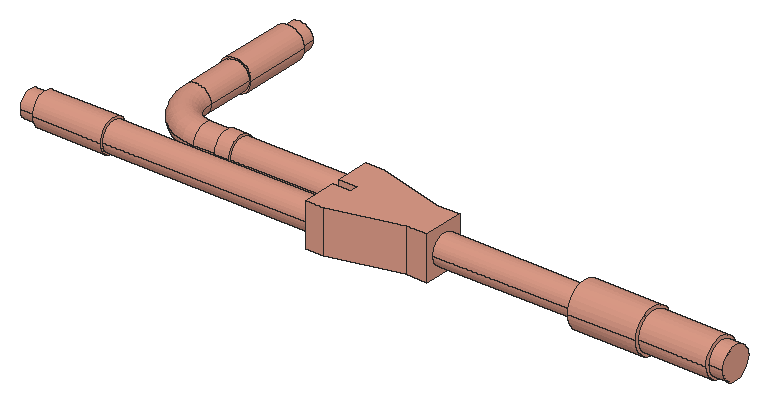
Revit family "outputfile", category 配管付属品, Revit 2024
Family settings
  丸型コネクタ寸法 = 半径を使用
  パーツ タイプ = 標準
  OmniClass 番号 = 23.65.55.00
  OmniClass タイトル = Distribution of Supplied Liquids/Gases
  作業面ベース = いいえ
  常に垂直 = はい
  ロード時にボイドで切り取り = いいえ
  共有 = いいえ
Parameters (values of type "BHFP22R135")
  Description = ""
  製造元 = "Daikin"
  書き出し IFC クラス(タイプ) = "IfcPipeFittingType"
  Default Elevation = 0.0 mm
  定義済み IFC タイプ(タイプ) = "JUNCTION"
  Cost = 0
  モデル = "BHFP22R135"
  Type Comments = ""
  Keynote = ""
  Type Image = (empty or 0)
  Assembly Code = ""
  table_PipeToCU_B [instance] = if(mm⇔inch, "Multi Module Kit_BHFP22R-_Liquid_PipeToCU_B", "Multi Module Kit_BHFP22R-_Liquid_PipeToCU_B_inch")  # "Multi Module Kit_BHFP22R-_Liquid_PipeToCU_B"
  table_PipeToCU_A [instance] = if(mm⇔inch, "Multi Module Kit_BHFP22R-_Liquid_PipeToCU_A", "Multi Module Kit_BHFP22R-_Liquid_PipeToCU_A_inch")  # "Multi Module Kit_BHFP22R-_Liquid_PipeToCU_A"
  table_ToMainPipe [instance] = if(mm⇔inch, "Multi Module Kit_BHFP22R-_Liquid_ToMainPipe", "Multi Module Kit_BHFP22R-_Liquid_ToMainPipe_inch")  # "Multi Module Kit_BHFP22R-_Liquid_ToMainPipe"
  switch_ToMainPipe3 [instance] = if(number_ToMainPipe < 3, 1 = 0, 1 = 1)  # yes
  switch_PipeToCU_B Reducer [instance] = if(and(Is_PipeToCU_B Reducer = 1, judge_IsOffsetPipe_ToOutdoorUnitB = 0), 1 = 1, 1 = 0)  # no
  switch_PipeToCU_B4 [instance] = if(number_PipeToCU_B < 4, 1 = 0, 1 = 1)  # no
  switch_PipeToCU_B3 [instance] = if(number_PipeToCU_B < 3, 1 = 0, 1 = 1)  # no
  switch_PipeToCU_B2 [instance] = if(number_PipeToCU_B < 2, 1 = 0, 1 = 1)  # yes
  switch_PipeToCU_A Reducer [instance] = if(Is_PipeToCU_A Reducer = 1, 1 = 1, 1 = 0)  # yes
  switch_ToMainPipe Reducer [instance] = if(Is_ToMainPipe Reducer = 1, 1 = 1, 1 = 0)  # no
  switch_ToMainPipe2 [instance] = if(number_ToMainPipe < 2, 1 = 0, 1 = 1)  # yes
  r_PipeToCU_B_ActualDiameter [instance] = PipeToCU_B_Liquid_ActualDiameter / 2  # 6.35 mm
  r_PipeToCU_A_ActualDiameter [instance] = PipeToCU_A_Liquid_ActualDiameter / 2  # 6.35 mm
  r_ToMainPipe_ActualDiameter [instance] = ToMainPipe_Liquid_ActualDiameter / 2  # 7.95 mm
  number_PipeToCU_B ReducerPipe [instance] = size_lookup(table_PipeToCU_B, "reducerPipeNumber", 0, モデル, judge_IsOffsetPipe_ToOutdoorUnitB, PipeToCU_B_Liquid_ActualDiameter)  # 0
  number_PipeToCU_B [instance] = size_lookup(table_PipeToCU_B, "pipeNumber", 2, モデル, judge_IsOffsetPipe_ToOutdoorUnitB, PipeToCU_B_Liquid_ActualDiameter)  # 2
  number_PipeToCU_A ReducerPipe [instance] = size_lookup(table_PipeToCU_A, "reducerPipeNumber", 2, モデル, PipeToCU_A_Liquid_ActualDiameter)  # 2
  number_ToMainPipe [instance] = size_lookup(table_ToMainPipe, "pipeNumber", 3, モデル, ToMainPipe_Liquid_ActualDiameter)  # 3
  mm⇔inch [instance] = yes
  l_ToMainPipe3 [instance] = size_lookup(table_ToMainPipe, "L_Pipe3", 8.0 mm, モデル)  # 8.0 mm
  judge_IsOffsetPipe_ToOutdoorUnitB [instance] = 0  # constant formula
  Unit Type = "BHFP22R-_Liquid"
  Uniclass2015Version = "Products v1.31"
  Uniclass2015Title = "Copper pipe fittings"
  Uniclass2015Code = "Pr_65_52_63_18"
  URL = ""
  ToMainPipe_Liquid_Status [instance] = size_lookup(table_ToMainPipe, "Information", "The connected pipe size is not available.", モデル, ToMainPipe_Liquid_ActualDiameter)  # "Default connector size is used."
  ToMainPipe_Liquid_ActualDiameter [instance] = 15.9 mm
  Tag No. [instance] = ""
  Series = "Multi Module kit"
  PipeToCU_B_Liquid_Status [instance] = size_lookup(table_PipeToCU_B, "Information", "The connected pipe size is not available.", モデル, judge_IsOffsetPipe_ToOutdoorUnitB, PipeToCU_B_Liquid_ActualDiameter)  # "Default connector size is used."
  PipeToCU_B_Liquid_ActualDiameter [instance] = 12.7 mm
  PipeToCU_A_Liquid_Status [instance] = size_lookup(table_PipeToCU_A, "Information", "The connected pipe size is not available.", モデル, PipeToCU_A_Liquid_ActualDiameter)  # "Reducer is used at connector."
  PipeToCU_A_Liquid_ActualDiameter [instance] = 12.7 mm
  O.D_PipeToCU_B Reducer [instance] = size_lookup(table_PipeToCU_B, "O.D_reducer", 2.0 mm, モデル, judge_IsOffsetPipe_ToOutdoorUnitB, PipeToCU_B_Liquid_ActualDiameter)  # 2.0 mm
  Material_Piping = DAIKIN_Copper_Pipe
  Material_Insulation = DAIKIN_White_Insulation
  location_PipeToCU_A connector [instance] = size_lookup(table_PipeToCU_A, "Locationconnector", 107.0 mm, モデル, PipeToCU_A_Liquid_ActualDiameter)  # 107.0 mm
  l_PipeToCU_B connector [instance] = size_lookup(table_PipeToCU_B, "Length", 161.0 mm, モデル, judge_IsOffsetPipe_ToOutdoorUnitB, PipeToCU_B_Liquid_ActualDiameter)  # 161.0 mm
  l_PipeToCU_B Reducer [instance] = 80.0 mm  # constant formula
  l_PipeToCU_B4 [instance] = size_lookup(table_PipeToCU_B, "L_Pipe4", 2.0 mm, モデル)  # 2.0 mm
  l_PipeToCU_B3 [instance] = size_lookup(table_PipeToCU_B, "L_Pipe3", 2.0 mm, モデル)  # 2.0 mm
  l_PipeToCU_B2 [instance] = size_lookup(table_PipeToCU_B, "L_Pipe2", 8.0 mm, モデル)  # 8.0 mm
  l_PipeToCU_B1 [instance] = size_lookup(table_PipeToCU_B, "L_Pipe1", 38.0 mm, モデル)  # 38.0 mm
  l_PipeToCU_B0 [instance] = size_lookup(table_PipeToCU_B, "L_Pipe0", 115.0 mm, モデル)  # 115.0 mm
  l_PipeToCU_A connector [instance] = size_lookup(table_PipeToCU_A, "Length", 97.0 mm, モデル, PipeToCU_A_Liquid_ActualDiameter)  # 97.0 mm
  l_PipeToCU_A1 [instance] = size_lookup(table_PipeToCU_A, "L_Pipe1", 8.0 mm, モデル)  # 8.0 mm
  l_PipeToCU_A0 [instance] = size_lookup(table_PipeToCU_A, "L_Pipe0", 62.0 mm, モデル)  # 62.0 mm
  l_ToMainPipe connector [instance] = size_lookup(table_ToMainPipe, "Length", 163.0 mm, モデル, ToMainPipe_Liquid_ActualDiameter)  # 163.0 mm
  l_ToMainPipe Reducer [instance] = size_lookup(table_ToMainPipe, "L_Reducer", 2.0 mm, モデル, ToMainPipe_Liquid_ActualDiameter)  # 2.0 mm
  l_ToMainPipe2 [instance] = size_lookup(table_ToMainPipe, "L_Pipe2", 38.0 mm, モデル)  # 38.0 mm
  l_ToMainPipe1 [instance] = size_lookup(table_ToMainPipe, "L_Pipe1", 38.0 mm, モデル)  # 38.0 mm
  l_ToMainPipe0 [instance] = size_lookup(table_ToMainPipe, "L_Pipe0", 79.0 mm, モデル)  # 79.0 mm
  judge_JointType(1or2) = 2
  count_PipeToCU_B Reducer [instance] = 0  # constant formula
  count_PipeToCU_A Reducer [instance] = size_lookup(table_PipeToCU_A, "reducerCount", 1, モデル, PipeToCU_A_Liquid_ActualDiameter)  # 1
  angle_PipeToCU_A Pipe [instance] = if(RotateBranchPipetoCU_A_90°, 90.00°, 0.00°)  # 0.00°
  angle_PipeToCU_A Connector [instance] = angle_PipeToCU_A Pipe + 90.00°  # 90.00°
  PipeToCU_B_Liquid_AvailableDiameter [instance] = size_lookup(table_PipeToCU_B, "sizeVariation", "", モデル, judge_IsOffsetPipe_ToOutdoorUnitB)  # "12.7/15.9mm"
  PipeToCU_A_Liquid_AvailableDiameter [instance] = size_lookup(table_PipeToCU_A, "sizeVariation", "", モデル)  # "12.7/15.9mm"
  ToMainPipe_Liquid_AvailableDiameter [instance] = size_lookup(table_ToMainPipe, "sizeVariation", "", モデル)  # "15.9/19.1/22.2mm"
  RotateBranchPipetoCU_A_90° [instance] = no
  O.D_ToMainPipe Reducer [instance] = size_lookup(table_ToMainPipe, "O.D_reducer", 2.0 mm, モデル, ToMainPipe_Liquid_ActualDiameter)  # 2.0 mm
  Link_Nested Family [instance] = ""
  Is_PipeToCU_B Reducer [instance] = size_lookup(table_PipeToCU_B, "IsReducer", 0, モデル, judge_IsOffsetPipe_ToOutdoorUnitB, PipeToCU_B_Liquid_ActualDiameter)  # 0
  Is_PipeToCU_A Reducer [instance] = size_lookup(table_PipeToCU_A, "IsReducer", 1, モデル, PipeToCU_A_Liquid_ActualDiameter)  # 1
  Is_ToMainPipe Reducer [instance] = size_lookup(table_ToMainPipe, "IsReducer", 0, モデル, ToMainPipe_Liquid_ActualDiameter)  # 0
  IfcVersion = ""
  IfcExportType = "JUNCTION"
  IfcExportAs = "IfcPipeFittingType"
  I.D_ToMainPipe3 [instance] = size_lookup(table_ToMainPipe, "I.D_PipeSize3", 15.9 mm, モデル)  # 15.9 mm
  I.D_PipeToCU_B Reducer [instance] = size_lookup(table_PipeToCU_B, "I.D_reducer", 2.0 mm, モデル, judge_IsOffsetPipe_ToOutdoorUnitB, PipeToCU_B_Liquid_ActualDiameter)  # 2.0 mm
  Attach_Insulation [instance] = no
  I.D_PipeToCU_B4 [instance] = size_lookup(table_PipeToCU_B, "I.D_PipeSize4", 2.0 mm, モデル)  # 2.0 mm
  I.D_PipeToCU_B3 [instance] = size_lookup(table_PipeToCU_B, "I.D_PipeSize3", 2.0 mm, モデル)  # 2.0 mm
  I.D_PipeToCU_B2 [instance] = size_lookup(table_PipeToCU_B, "I.D_PipeSize2", 12.7 mm, モデル)  # 12.7 mm
  I.D_PipeToCU_B1 [instance] = size_lookup(table_PipeToCU_B, "I.D_PipeSize1", 15.9 mm, モデル)  # 15.9 mm
  I.D_PipeToCU_B0 [instance] = size_lookup(table_PipeToCU_B, "I.D_PipeSize0", 13.9 mm, モデル)  # 13.9 mm
  I.D_PipeToCU_A1 [instance] = 15.5 mm  # constant formula
  I.D_PipeToCU_A0 [instance] = 13.9 mm  # constant formula
  I.D_ToMainPipe Reducer [instance] = size_lookup(table_ToMainPipe, "I.D_reducer", 2.0 mm, モデル, ToMainPipe_Liquid_ActualDiameter)  # 2.0 mm
  I.D_ToMainPipe2 [instance] = size_lookup(table_ToMainPipe, "I.D_PipeSize2", 19.1 mm, モデル)  # 19.1 mm
  I.D_ToMainPipe1 [instance] = size_lookup(table_ToMainPipe, "I.D_PipeSize1", 22.2 mm, モデル)  # 22.2 mm
  I.D_ToMainPipe0 [instance] = size_lookup(table_ToMainPipe, "I.D_PipeSize0", 13.9 mm, モデル)  # 13.9 mm
Reference planes
  plane 1 "Center (Front/Back)": y = 0
  plane 2: z = 0
  plane 3 "pipe2": x = 225.65
  plane 4: x = 187.65
  plane 5: x = 149.65
  plane 6: x = 70.65
  plane 7: x = 10.65
  plane 8: x = -59.35
  plane 9: x = -104.35
  plane 10: x = -142.35
  plane 11: x = -150.35
  plane 12: x = -152.35
  plane 13: x = -154.35
  plane 14 "offset_center": y = 11.5
  plane 15: y = -11.5
  plane 16: x = -51.35
  plane 17: x = 120.65
  plane 18 "ToMainPipe_connector": x = 233.65
  plane 19 "connector_OutdoorunitA": x = -96.35
  plane 20 "pipe3": x = 233.65
  plane 21 "connector_PipeToCU_B": x = -150.35
Forms (mm)
  Extrusion 1, solid, material "DAIKIN_Copper_Pipe" <- "Material_Piping"
    sketch origin (0, 0, 0) x (1, 0, 0) y (0, 1, 0)
      loop
        line (10.65, 1.998) -> (20.65, 1.998) -> (20.65, -1.998) -> (10.65, -1.998) -> (10.65, -21.2) -> (20.65, -21.2) -> (58.65, -11.3) -> (70.65, -11.3) -> (70.65, 11.3) -> (58.65, 11.3) -> (20.65, 21.2) -> (10.65, 21.2) -> (10.65, 1.998)
    from -12.2 to 12.2
Dimensions and locks
  locked: plane 6 to plane 17 at 50
  "l_PipeToCU_A1": plane 8 to plane 16
  "l_PipeToCU_B1": plane 10 to plane 9
  "l_PipeToCU_B2": plane 11 to plane 10
  "l_PipeToCU_B3": plane 12 to plane 11
  "l_PipeToCU_B4": plane 13 to plane 12
  locked: plane 7 to plane 6 at 60
  "l_ToMainPipe1": plane 5 to plane 4
  "l_ToMainPipe2": plane 4 to plane 3 "pipe2"
  "l_ToMainPipe0": plane 6 to plane 5
  "l_ToMainPipe connector": plane 6 to plane 18 "ToMainPipe_connector"
  plane 14 "offset_center" to plane 1 "Center (Front/Back)" to plane 15 = 11.5 mm locked, 11.5 mm locked
  locked: plane 1 "Center (Front/Back)" to Extrusion 1 sketch curve at 11.3  (x2)
  locked: Extrusion 1 sketch curve to plane 1 "Center (Front/Back)" at 21.2
  locked: plane 1 "Center (Front/Back)" to Extrusion 1 sketch curve at 21.2
  "l_PipeToCU_A0": plane 16 to plane 7
  "location_PipeToCU_A connector": plane 19 "connector_OutdoorunitA" to plane 7
  "l_PipeToCU_B0": plane 9 to plane 7
  "l_ToMainPipe3": plane 3 "pipe2" to plane 20 "pipe3"
  "l_PipeToCU_B connector": plane 21 "connector_PipeToCU_B" to plane 7
  aligned and locked: level to plane 2
  aligned and locked: plane 2 to nested 1
  aligned and locked: plane 1 "Center (Front/Back)" to nested 1
  aligned and locked: plane 3 "pipe2" to nested 1
  aligned and locked: plane 4 to nested 1
  aligned and locked: plane 4 to nested 2
  aligned and locked: plane 5 to nested 2
  aligned and locked: plane 5 to nested 3
  aligned and locked: plane 6 to nested 3
  aligned and locked: plane 6 to Extrusion 1
  aligned and locked: Extrusion 1 to plane 7  (x2)
  aligned and locked: plane 7 to nested 4
  aligned and locked: plane 8 to nested 5
  aligned and locked: plane 16 to nested 5
  aligned and locked: nested 5 to plane 14 "offset_center"
  aligned and locked: nested 6 to plane 15
  aligned and locked: plane 7 to nested 6
  aligned and locked: plane 9 to nested 6
  aligned and locked: plane 10 to nested 7
  aligned and locked: plane 9 to nested 7
  aligned and locked: plane 11 to nested 8
  aligned and locked: plane 10 to nested 8
  aligned and locked: plane 12 to nested 9
  aligned and locked: plane 11 to nested 9
  aligned and locked: plane 13 to nested 10
  aligned and locked: plane 12 to nested 10
  aligned and locked: nested 10 to plane 15
  aligned and locked: nested 9 to plane 15
  aligned and locked: nested 8 to plane 15
  aligned and locked: nested 7 to plane 15
  aligned and locked: plane 1 "Center (Front/Back)" to nested 11
  aligned and locked: plane 17 to nested 11
  aligned and locked: plane 16 to nested 4
  aligned and locked: nested 12 to plane 14 "offset_center"
  aligned and locked: plane 8 to nested 12
  aligned and locked: plane 1 "Center (Front/Back)" to nested 13
  aligned and locked: plane 18 "ToMainPipe_connector" to nested 13
  aligned and locked: plane 6 to nested 14
  aligned and locked: plane 1 "Center (Front/Back)" to nested 3
  aligned and locked: nested 15 to plane 7
  aligned and locked: nested 4 to plane 14 "offset_center"
  aligned and locked: plane 3 "pipe2" to nested 16
  aligned and locked: plane 20 "pipe3" to nested 16
  aligned and locked: nested 15 to plane 15
  aligned and locked: nested 17 to plane 21 "connector_PipeToCU_B"
  aligned and locked: plane 15 to nested 17
  aligned and locked: plane 14 "offset_center" to nested 18
  aligned and locked: nested 18 to plane 19 "connector_OutdoorunitA"
Automatic sketch dimensions
  Extrusion 1 sketch curve to plane 7 = 0.0 mm  (x2)
  Extrusion 1 sketch curve to plane 6 = 0.0 mm
  plane 1 "Center (Front/Back)" to Extrusion 1 sketch curve = 1.998 mm
  Extrusion 1 sketch curve to Extrusion 1 sketch curve = 10.0 mm  (x3)
  Extrusion 1 sketch curve to plane 1 "Center (Front/Back)" = 1.998 mm
  Extrusion 1 sketch curve to Extrusion 1 sketch curve = 12.0 mm  (x2)
Nested families
  nested 1: "daikin_Pipe" at (206.65, 0, 0), I.D_Pipe <- "I.D_ToMainPipe2", display <- "switch_ToMainPipe2", type "*"
    with length_Pipe 38.0 mm, display yes, O.D_Pipe 21.1 mm, I.D_Pipe 19.1 mm
  nested 2: "daikin_Pipe" at (168.65, 0, 0), I.D_Pipe <- "I.D_ToMainPipe1", type "*"
    with length_Pipe 38.0 mm, display yes, O.D_Pipe 24.2 mm, I.D_Pipe 22.2 mm
  nested 3: "daikin_Pipe" at (110.15, 0, 0), I.D_Pipe <- "I.D_ToMainPipe0", type "*"
    with length_Pipe 79.0 mm, display yes, O.D_Pipe 15.9 mm, I.D_Pipe 13.9 mm
  nested 4: "daikin_Pipe" at (-20.35, 11.5, 0), I.D_Pipe <- "I.D_PipeToCU_A0", type "*"
    with length_Pipe 62.0 mm, display yes, O.D_Pipe 15.9 mm, I.D_Pipe 13.9 mm
  nested 5: "daikin_Pipe" at (-55.35, 11.5, 0), I.D_Pipe <- "I.D_PipeToCU_A1", type "*"
    with length_Pipe 8.0 mm, display yes, O.D_Pipe 17.5 mm, I.D_Pipe 15.5 mm
  nested 6: "daikin_Pipe" at (-46.85, -11.5, 0), I.D_Pipe <- "I.D_PipeToCU_B0", type "*"
    with length_Pipe 115.0 mm, display yes, O.D_Pipe 15.9 mm, I.D_Pipe 13.9 mm
  nested 7: "daikin_Pipe" at (-123.35, -11.5, 0), I.D_Pipe <- "I.D_PipeToCU_B1", type "*"
    with length_Pipe 38.0 mm, display yes, O.D_Pipe 17.9 mm, I.D_Pipe 15.9 mm
  nested 8: "daikin_Pipe" at (-146.35, -11.5, 0), I.D_Pipe <- "I.D_PipeToCU_B2", display <- "switch_PipeToCU_B2", type "*"
    with length_Pipe 8.0 mm, display yes, O.D_Pipe 14.7 mm, I.D_Pipe 12.7 mm
  nested 9: "daikin_Pipe" at (-151.35, -11.5, 0), display <- "switch_PipeToCU_B3", I.D_Pipe <- "I.D_PipeToCU_B3", visible <- "switch_PipeToCU_B3", type "*"
    with length_Pipe 2.0 mm, display no, O.D_Pipe 4.0 mm, I.D_Pipe 2.0 mm
  nested 10: "daikin_Pipe" at (-153.35, -11.5, 0), display <- "switch_PipeToCU_B4", I.D_Pipe <- "I.D_PipeToCU_B4", visible <- "switch_PipeToCU_B4", type "*"
    with length_Pipe 2.0 mm, display no, O.D_Pipe 4.0 mm, I.D_Pipe 2.0 mm
  nested 11: "daikin_MultiModeluKit_Insulation" at (120.65, 0, 0), display <- "Attach_Insulation", type "*"
    with h 54.2 mm, display no, I.D_Outlet PipeSize 22.2 mm
  nested 12: "daikin_Multi Module kit_Reducer90_rotate" at (-59.35, 11.5, 0), number_reducerPipe <- "number_PipeToCU_A ReducerPipe", angle_Pipe <- "angle_PipeToCU_A Pipe", I.D_Pipe <- "PipeToCU_A_Liquid_ActualDiameter", count_Reducer <- "count_PipeToCU_A Reducer", type "*"
    with number_reducerPipe 2, display_Pipe2 yes, display_Pipe1 yes, count_Reducer 1, angle_Pipe 0.00°, I.D_Pipe 12.7 mm
  nested 13: "daikin_Pipe_reducer" at (232.65, 0, 0), I.D_Pipe1 <- "I.D_ToMainPipe Reducer", O.D_Pipe2 <- "O.D_ToMainPipe Reducer", length_Pipe <- "l_ToMainPipe Reducer", display <- "switch_ToMainPipe Reducer", type "*"
    with length_Pipe 2.0 mm, display no, O.D_Pipe2 2.0 mm, O.D_Pipe1 4.0 mm, I.D_Pipe2 0.0 mm, I.D_Pipe1 2.0 mm
  nested 14: "daikin_connector_rotate3" at (70.65, 0, 0) x (0, 1, 0) z (0, 0, 1), length <- "l_ToMainPipe connector", type "daikin_connector_rotate3"
    with radius 10.0 mm, length 163.0 mm, angle_vertical 90.00°, angle_horizontal 0.00°
  nested 15: "daikin_connector_rotate3" at (10.65, -11.5, 0) x (0, -1, 0) z (0, 0, 1), length <- "l_PipeToCU_B connector", type "daikin_connector_rotate3"
    with radius 10.0 mm, length 161.0 mm, angle_vertical 90.00°, angle_horizontal 0.00°
  nested 16: "daikin_Pipe" at (229.65, 0, 0), display <- "switch_ToMainPipe3", I.D_Pipe <- "I.D_ToMainPipe3", type "*"
    with length_Pipe 8.0 mm, display yes, O.D_Pipe 17.9 mm, I.D_Pipe 15.9 mm
  nested 17: "daikin_Pipe_reducer" at (-110.35, -11.5, 0) x (-1, 0, 0) z (0, 0, 1), length_Pipe <- "l_PipeToCU_B Reducer", I.D_Pipe1 <- "I.D_PipeToCU_B Reducer", O.D_Pipe2 <- "O.D_PipeToCU_B Reducer", display <- "switch_PipeToCU_B Reducer", type "*"
    with length_Pipe 80.0 mm, display no, O.D_Pipe2 2.0 mm, O.D_Pipe1 4.0 mm, I.D_Pipe2 0.0 mm, I.D_Pipe1 2.0 mm
  nested 18: "daikin_connector_rotate3" at (-96.35, 11.5, 0) x (-1, 0, 0) z (0, 0, 1), angle_vertical <- "angle_PipeToCU_A Connector", length <- "l_PipeToCU_A connector", type "daikin_connector_rotate3"
    with radius 10.0 mm, length 97.0 mm, angle_vertical 90.00°, angle_horizontal 0.00°
Connectors
  piping at (233.65, 0, 0), diameter 15.9, driven by "r_ToMainPipe_ActualDiameter"
    settings: on nested 14, index 1, connector inside diameter 609.6 mm, connector length 0.0 mm, flow factor 0, pipe flow 0.00 m³/h, pressure drop 0.0 Pa, fitting loss kfactor 0, connector angle 0.00°, fixture units 0, engagement length 0.0 mm, angle of deflection 0.00°, flow configuration 0, flow direction 2, fitting loss method 0, system type 29, joint type 0, gender type 0, connector reference index -1, connector utility 0, adjustable connector no, is connector primary yes, connector description "Multi Module kit_to Main Pipe_Liquid"
  piping at (-150.35, -11.5, 0), diameter 12.7, driven by "r_PipeToCU_B_ActualDiameter"
    settings: on nested 15, index 3, connector inside diameter 609.6 mm, connector length 0.0 mm, flow factor 0, pipe flow 0.00 m³/h, pressure drop 0.0 Pa, fitting loss kfactor 0, connector angle 0.00°, fixture units 0, engagement length 0.0 mm, angle of deflection 0.00°, flow configuration 0, flow direction 1, fitting loss method 0, system type 29, joint type 0, gender type 0, connector reference index -1, connector utility 0, adjustable connector no, is connector primary no, connector description "Multi Module kit_Piping to CU-B_Liquid"
  piping at (-96.35, 108.5, 0), diameter 12.7, driven by "r_PipeToCU_A_ActualDiameter"
    settings: on nested 18, index 4, connector inside diameter 609.6 mm, connector length 0.0 mm, flow factor 0, pipe flow 0.00 m³/h, pressure drop 0.0 Pa, fitting loss kfactor 0, connector angle 0.00°, fixture units 0, engagement length 0.0 mm, angle of deflection 0.00°, flow configuration 0, flow direction 1, fitting loss method 0, system type 29, joint type 0, gender type 0, connector reference index -1, connector utility 0, adjustable connector no, is connector primary no, connector description "Multi Module kit_Piping to CU-A_Liquid"
Definition of nested family "daikin_Pipe"
  Parameters (values of type "*")
    Default Elevation = 0.0 mm
    material = none
    length_Pipe [instance] = 150.0 mm
    display [instance] = yes
    O.D_Pipe [instance] = I.D_Pipe + 2.0 mm  # 27.0 mm
    I.D_Pipe [instance] = 25.0 mm
  Reference planes
    plane 1 "Center (Front/Back)": y = 0
    plane 2 "center(vertical)": z = 0
    plane 3 "Center (Left/Right)": x = 0
    plane 4 "left": x = -75
    plane 5 "right": x = 75
  Forms (mm)
    Extrusion 1, solid, material <- "material", visible <- "display"
      sketch origin (0, 0, 0) x (0, 1, 0) y (0, 0, 1)
        loop
          circle (0, 0) r 13.5
      from -75 to 75
  Dimensions and locks
    equal spacing: plane 4 "left", plane 3 "Center (Left/Right)", plane 5 "right"
    "length_Pipe": plane 4 "left" to plane 5 "right"
    "O.D_Pipe": diameter of Extrusion 1 sketch curve
    aligned and locked: level to plane 2 "center(vertical)"
    aligned and locked: plane 2 "center(vertical)" to Extrusion 1 sketch curve
    aligned and locked: plane 1 "Center (Front/Back)" to Extrusion 1 sketch curve
    aligned and locked: plane 5 "right" to Extrusion 1
    aligned and locked: Extrusion 1 to plane 4 "left"
Definition of nested family "daikin_Multi Module kit_Reducer90_rotate"
  Parameters (values of type "*")
    Default Elevation = 0.0 mm
    number_reducerPipe [instance] = 4
    material_Pipe = none
    display_Pipe2 [instance] = if(number_reducerPipe < 2, 1 = 0, 1 = 1)  # yes
    display_Pipe1 [instance] = if(number_reducerPipe < 1, 1 = 0, 1 = 1)  # yes
    count_Reducer [instance] = 0
    angle_Pipe [instance] = 30.00°
    I.D_Pipe [instance] = 0.0 mm
  Reference planes
    plane 1 "Center (Front/Back)": y = 0
    plane 2: z = 0
    plane 3 "Center (Left/Right)": x = 0
  Dimensions and locks
    "angle_Pipe": angle plane 2 to nested 1
    aligned and locked: level to plane 2
  Nested families
    nested 1: "daikin_Multi Module kit_Reducer90" at (0, 0, 0) x (1, 0, 0) z (0, -0.5, 0.866), display_Pipe2 <- "display_Pipe2", display_Pipe1 <- "display_Pipe1", I.D_connector <- "I.D_Pipe", count_Reducer <- "count_Reducer", type "*"
      with display_Reducer no, display_Pipe2 yes, display_Pipe1 yes, count_Reducer 0, I.D_connector 0.0 mm
  Definition of nested family "daikin_Multi Module kit_Reducer90"
    Parameters (values of type "*")
      Default Elevation = 0.0 mm
      material_Pipe = none
      display_Reducer [instance] = and(I.D_connector = 19.1 mm, count_Reducer = 2)  # no
      display_Pipe2 [instance] = yes
      display_Pipe1 [instance] = yes
      count_Reducer [instance] = 0
      O.D_Pipe2 = 12.7 mm + 2.0 mm  # 14.7 mm
      O.D_Pipe1 = 15.9 mm + 2.0 mm  # 17.9 mm
      O.D_Pipe0 = 15.9 mm  # constant formula
      I.D_connector [instance] = 0.0 mm
    Reference planes
      plane 1 "Center (Front/Back)": y = 0
      plane 2 "center_vertical": z = 0
      plane 3 "Center (Left/Right)": x = 0
      plane 4 "center_toOutdoor": x = -37
      plane 5: y = 52
      plane 6: y = 89
      plane 7: y = 97
    Forms (mm)
      Sweep 1, solid, material <- "material_Pipe"
        path origin (0, 0, 0) x (1, 0, 0) y (0, 1, 0)
          loop
            line (0, 0) -> (-12, 0)
            arc (-12, 0) -> (-29.678, 7.322) -> (-37, 25) r 25
            line (-37, 25) -> (-37, 52)
        profile origin (-6, 0, 0) x (0, -1, 0) y (0, 0, 1)
          loop
            circle (0, 0) r 7.95
      Extrusion 2, solid, material <- "material_Pipe", visible <- "display_Pipe1"
        sketch origin (0, 0, 0) x (1, 0, 0) y (0, 0, 1)
          loop
            circle (-37, 0) r 8.95
        from -89 to -52
      Extrusion 3, solid, material <- "material_Pipe", visible <- "display_Pipe2"
        sketch origin (75, -2.05, 0) x (1, 0, 0) y (0, 0, 1)
          loop
            circle (-112, 0) r 7.35
        from -99.05 to -91.05
    Lines and regions (mm)
      reference lines
        curve 1: line (0, 0, 0) -> (-37, 0, 0)
    Dimensions and locks
      locked: plane 1 "Center (Front/Back)" to plane 5 at 52
      locked: plane 6 to plane 5 at 37
      locked: plane 7 to plane 6 at 8
      plane 4 "center_toOutdoor" to plane 3 "Center (Left/Right)" = 37.0 mm
      "O.D_Pipe2": diameter of Extrusion 3 sketch curve
      "O.D_Pipe0": diameter of Sweep 1 sketch curve
      "O.D_Pipe1": diameter of Extrusion 2 sketch curve
      aligned and locked: level to plane 2 "center_vertical"
      aligned and locked: plane 6 to Extrusion 2
      aligned and locked: Extrusion 2 to plane 5
      aligned and locked: Extrusion 3 to plane 6
      aligned and locked: Sweep 1 sketch curve to plane 1 "Center (Front/Back)"
      aligned and locked: plane 3 "Center (Left/Right)" to curve 1
      aligned and locked: curve 1 to plane 1 "Center (Front/Back)"
      aligned and locked: plane 7 to Extrusion 3
      aligned and locked: plane 6 to nested 1
      aligned and locked: plane 4 "center_toOutdoor" to nested 1
    Automatic sketch dimensions
      Sweep 1 sketch curve to plane 4 "center_toOutdoor" = 0.0 mm
      Sweep 1 sketch curve to plane 3 "Center (Left/Right)" = 0.0 mm
      Sweep 1 sketch curve to plane 5 = 0.0 mm
      Sweep 1 sketch curve to plane 3 "Center (Left/Right)" = 12.0 mm
      curve 1 to plane 4 "center_toOutdoor" = 0.0 mm
      Sweep 1 sketch curve to level = 0.0 mm
      Sweep 1 sketch curve to profile plane = 0.0 mm
      Extrusion 2 sketch curve to level = 0.0 mm
      Extrusion 2 sketch curve to plane 4 "center_toOutdoor" = 0.0 mm
      Extrusion 3 sketch curve to level = 0.0 mm
      Extrusion 3 sketch curve to plane 4 "center_toOutdoor" = 0.0 mm
    Nested families
      nested 1: "daikin_Pipe_reducer" at (-37, 129.5, 0) x (0, 1, 0) z (0, 0, 1), display <- "display_Reducer", type "*"
        with length_Pipe 81.0 mm, display no, O.D_Pipe2 12.7 mm, O.D_Pipe1 21.1 mm, I.D_Pipe2 10.7 mm, I.D_Pipe1 19.1 mm
    Definition of nested family "daikin_Pipe_reducer"
      Parameters (values of type "*")
        Default Elevation = 0.0 mm
        material = none
        length_Pipe [instance] = 250.0 mm
        display [instance] = yes
        O.D_Pipe2 [instance] = 19.1 mm
        O.D_Pipe1 [instance] = I.D_Pipe1 + 2.0 mm  # 24.2 mm
        I.D_Pipe2 [instance] = O.D_Pipe2 - 2.0 mm  # 17.1 mm
        I.D_Pipe1 [instance] = 22.2 mm
      Reference planes
        plane 1 "Center (Front/Back)": y = 0
        plane 2 "center(vertical)": z = 0
        plane 3 "Center (Left/Right)": x = 0
        plane 4 "connection": x = -125
        plane 5 "right": x = 113
        plane 6: x = 125
      Forms (mm)
        Extrusion 1, solid, material <- "material", visible <- "display"
          sketch origin (0, 0, 0) x (0, 1, 0) y (0, 0, 1)
            loop
              circle (0, 0) r 9.55
          from -125 to 113
        Extrusion 2, solid, material <- "material", visible <- "display"
          sketch origin (0, 0, 0) x (0, 1, 0) y (0, 0, 1)
            loop
              circle (0, 0) r 12.1
          from 113 to 125
      Dimensions and locks
        locked: plane 5 "right" to plane 6 at 12
        "length_Pipe": plane 4 "connection" to plane 6
        equal spacing: plane 4 "connection", plane 3 "Center (Left/Right)", plane 6
        "O.D_Pipe2": diameter of Extrusion 1 sketch curve
        "O.D_Pipe1": diameter of Extrusion 2 sketch curve
        aligned and locked: level to plane 2 "center(vertical)"
        aligned and locked: plane 2 "center(vertical)" to Extrusion 1 sketch curve
        aligned and locked: plane 1 "Center (Front/Back)" to Extrusion 1 sketch curve
        aligned and locked: plane 5 "right" to Extrusion 1
        aligned and locked: Extrusion 1 to plane 4 "connection"
        aligned and locked: plane 2 "center(vertical)" to Extrusion 2 sketch curve
        aligned and locked: plane 1 "Center (Front/Back)" to Extrusion 2 sketch curve
        aligned and locked: Extrusion 2 to plane 5 "right"
        aligned and locked: plane 6 to Extrusion 2
Definition of nested family "daikin_MultiModeluKit_Insulation"
  Parameters (values of type "*")
    Default Elevation = 0.0 mm
    Model = ""
    material = none
    h [instance] = (I.D_Outlet PipeSize + 2.0 mm) + 30.0 mm  # 47.0 mm
    display [instance] = yes
    I.D_Outlet PipeSize [instance] = 15.0 mm
  Reference planes
    plane 1 "Center (Front/Back)": y = 0
    plane 2: z = 0
    plane 3 "Left": x = 0
    plane 4 "top": z = 23.5
    plane 5 "bottom": z = -23.5
  Forms (mm)
    Extrusion 1, solid, material <- "material", visible <- "display"
      sketch origin (0, 0, 0) x (1, 0, 0) y (0, 1, 0)
        loop
          line (0, -23) -> (0, 23) -> (-10, 23) -> (-50, 26.25) -> (-62.047, 26.25) -> (-100, 36) -> (-186, 36) -> (-186, 10) -> (-257, 10) -> (-257, -36) -> (-100, -36) -> (-62.047, -26.25) -> (-50, -26.25) -> (-10, -23) -> (0, -23)
      from -23.5 to 23.5
  Dimensions and locks
    equal spacing: plane 4 "top", plane 2, plane 5 "bottom"
    "h": plane 4 "top" to plane 5 "bottom"
    equal spacing: Extrusion 1 sketch curve, plane 1 "Center (Front/Back)", Extrusion 1 sketch curve  (x2)
    locked: Extrusion 1 sketch curve to Extrusion 1 sketch curve at 46
    locked: Extrusion 1 sketch curve to plane 3 "Left" at 10  (x2)
    locked: Extrusion 1 sketch curve to Extrusion 1 sketch curve at 52.5
    locked: Extrusion 1 sketch curve to plane 3 "Left" at 50  (x2)
    locked: Extrusion 1 sketch curve to plane 3 "Left" at 100  (x2)
    Extrusion 1 sketch curve to plane 3 "Left" = 186.0 mm
    locked: plane 1 "Center (Front/Back)" to Extrusion 1 sketch curve at 10
    Extrusion 1 sketch curve to plane 3 "Left" = 257.0 mm
    locked: Extrusion 1 sketch curve to plane 1 "Center (Front/Back)" at 36
    locked: plane 1 "Center (Front/Back)" to Extrusion 1 sketch curve at 36
    Extrusion 1 sketch curve to plane 3 "Left" = 62.047 mm  (x2)
    aligned and locked: level to plane 2
    aligned and locked: plane 3 "Left" to Extrusion 1
    aligned and locked: Extrusion 1 to plane 5 "bottom"
    aligned and locked: plane 4 "top" to Extrusion 1
  Automatic sketch dimensions
    Extrusion 1 sketch curve to plane 3 "Left" = 0.0 mm
    plane 1 "Center (Front/Back)" to Extrusion 1 sketch curve = 26.25 mm
Definition of nested family "daikin_Pipe_reducer"
  Parameters (values of type "*")
    Default Elevation = 0.0 mm
    material = none
    length_Pipe [instance] = 250.0 mm
    display [instance] = yes
    O.D_Pipe2 [instance] = 19.1 mm
    O.D_Pipe1 [instance] = I.D_Pipe1 + 2.0 mm  # 24.2 mm
    I.D_Pipe2 [instance] = O.D_Pipe2 - 2.0 mm  # 17.1 mm
    I.D_Pipe1 [instance] = 22.2 mm
  Reference planes
    plane 1 "Center (Front/Back)": y = 0
    plane 2 "center(vertical)": z = 0
    plane 3 "Center (Left/Right)": x = 0
    plane 4 "connection": x = -125
    plane 5 "right": x = 113
    plane 6: x = 125
  Forms (mm)
    Extrusion 1, solid, material <- "material", visible <- "display"
      sketch origin (0, 0, 0) x (0, 1, 0) y (0, 0, 1)
        loop
          circle (0, 0) r 9.55
      from -125 to 113
    Extrusion 2, solid, material <- "material", visible <- "display"
      sketch origin (0, 0, 0) x (0, 1, 0) y (0, 0, 1)
        loop
          circle (0, 0) r 12.1
      from 113 to 125
  Dimensions and locks
    locked: plane 5 "right" to plane 6 at 12
    "length_Pipe": plane 4 "connection" to plane 6
    equal spacing: plane 4 "connection", plane 3 "Center (Left/Right)", plane 6
    "O.D_Pipe2": diameter of Extrusion 1 sketch curve
    "O.D_Pipe1": diameter of Extrusion 2 sketch curve
    aligned and locked: level to plane 2 "center(vertical)"
    aligned and locked: plane 2 "center(vertical)" to Extrusion 1 sketch curve
    aligned and locked: plane 1 "Center (Front/Back)" to Extrusion 1 sketch curve
    aligned and locked: plane 5 "right" to Extrusion 1
    aligned and locked: Extrusion 1 to plane 4 "connection"
    aligned and locked: plane 2 "center(vertical)" to Extrusion 2 sketch curve
    aligned and locked: plane 1 "Center (Front/Back)" to Extrusion 2 sketch curve
    aligned and locked: Extrusion 2 to plane 5 "right"
    aligned and locked: plane 6 to Extrusion 2
Definition of nested family "daikin_connector_rotate3"
  Parameters (values of type "daikin_connector_rotate3")
    Default Elevation = 0.0 mm
    show_face = no
    show_circle = no
    radius [instance] = 10.0 mm
    length [instance] = 600.0 mm
    angle_horizontal [instance] = 60.00°
    angle_vertical [instance] = 90.00°
  Reference planes
    plane 1 "Center (Front/Back)": y = 0
    plane 2: z = 0
    plane 3 "Center (Left/Right)": x = 0
  Dimensions and locks
    "angle_horizontal": angle plane 3 "Center (Left/Right)" to nested 1
    aligned and locked: level to plane 2
    aligned and locked: plane 1 "Center (Front/Back)" to nested 1  (x2)
    aligned and locked: plane 3 "Center (Left/Right)" to nested 1
  Nested families
    nested 1: "daikin_connector_rotate2" at (0, 0, 0) x (0.5, 0.866, 0) z (0, 0, 1), angle_vertical <- "angle_vertical", length <- "length", radius <- "radius", type "daikin_connector_rotate2"
      with radius 10.0 mm, length 600.0 mm, angle_vertical 90.00°, show_face no, show_circle no
  Definition of nested family "daikin_connector_rotate2"
    Parameters (values of type "daikin_connector_rotate2")
      Default Elevation = 0.0 mm
      show_face = yes
      show_circle = yes
      radius [instance] = 10.0 mm
      length [instance] = 60.0 mm
      d_surface = 10.0 mm
      angle_vertical [instance] = 90.00°
    Reference planes
      plane 1 "Center (Front/Back)": y = 0
      plane 2: z = 0
      plane 3 "Center (Left/Right)": x = 0
    Forms (mm)
      Extrusion 1, solid, visible <- "show_face"
        sketch origin (0, -60, 0) x (1, 0, 0) y (0, 0, 1)
          loop
            circle (0, 0) r 10
        from 0 to -10
    Lines and regions (mm)
      reference lines
        curve 1: line (0, 0, 0) -> (0, -60, 0)
      symbolic lines, visible <- "show_circle"
        curve 2: circle (0, 0, 0) r 5 normal (0, 0, 1)
      model lines, visible <- "show_face"
        curve 3: line (0, 0, 0) -> (0, -60, 0)
    Dimensions and locks
      "length": curve 1 to curve 1
      "length": curve 3 to curve 3
      "d_surface": Extrusion 1 to Extrusion 1
      "radius": radius of Extrusion 1 sketch curve
      "angle_vertical": angle curve 1 to plane 1 "Center (Front/Back)"
      "angle_vertical": angle curve 3 to plane 1 "Center (Front/Back)"
      aligned and locked: level to plane 2
      aligned and locked: plane 1 "Center (Front/Back)" to curve 1
      aligned and locked: plane 2 to curve 1
      aligned and locked: plane 1 "Center (Front/Back)" to curve 2
      aligned and locked: plane 3 "Center (Left/Right)" to curve 2
      aligned and locked: plane 1 "Center (Front/Back)" to curve 3
      aligned and locked: plane 2 to curve 3
      aligned and locked: Extrusion 1 to Extrusion 1
    Automatic sketch dimensions
      Extrusion 1 sketch curve to level = 0.0 mm
      Extrusion 1 sketch curve to plane 3 "Center (Left/Right)" = 0.0 mm
      radius of curve 2 = 5.0 mm
